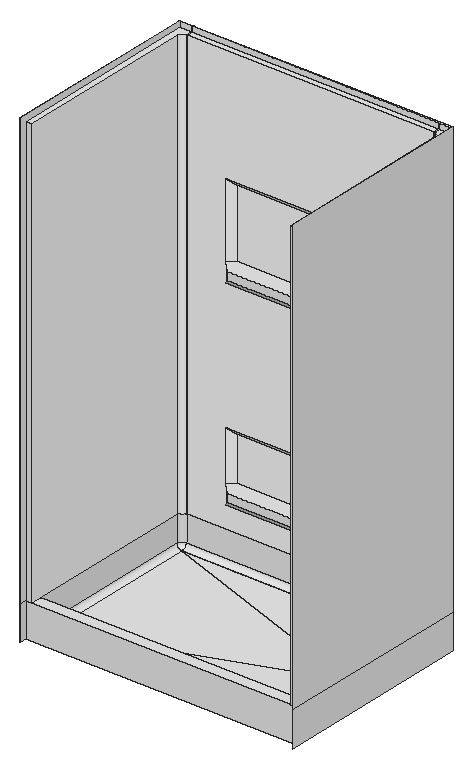
Revit family "4LRS4834L-R", category Plumbing Fixtures, Revit 2017
Family settings
  Round Connector Dimension = Use Diameter
  Part Type = Normal
  OmniClass Number = 23.45.05.14.17
  OmniClass Title = Showers
  Work Plane-Based = No
  Always vertical = Yes
  Cut with Voids When Loaded = No
  Shared = No
  Room Calculation Point = No
Parameters (values of type "4LRS4834L/R")
  Unit Width = 48"
  Unit Height = 82 1/2"
  Unit Depth = 35"
  URL = "http://www.bestbath.com/"
  Type Comments = "Remodeler"
  Model = "4LRS4834L/R"
  Material [instance] = Best Bath Gelcoat Fiberglass - RealTile
  Manufacturer = "Best Bath Systems, Inc."
  Keynote = "22 40 00.B3"
  Description = "Real Tile Finish"
  Assembly Code = "D2010710"
Reference planes (in)
  plane 1 "Back": y = -0.5
  plane 2: z = 0
  plane 3 "Left": x = 0
  plane 4: x = 48
  plane 5: y = -34.5
  plane 6: z = 81.5
  plane 7: z = 0.625
  plane 8: z = 82.5
  plane 9: x = 42
  plane 10: y = -1.75
  plane 11: y = -16.25
  plane 12: z = 0.25
  plane 13: z = 6
  plane 14: y = -35.5
  plane 15: z = 13.25
  plane 16: z = 48.25
Forms (in)
  Extrusion 1, solid, material "Best Bath Gelcoat Fiberglass - Smooth"
    sketch origin (0, 0, 0) x (1, 0, 0) y (0, 1, 0)
      loop
        line (0, -0.5) -> (0, -34.5) -> (48, -34.5) -> (48, -0.5) -> (0, -0.5)
      loop
        circle (42, -16.25) r 2.0625
    from 0 to 0.625
  Extrusion 2, solid, material "Best Bath Gelcoat Fiberglass - Smooth"
    sketch origin (0, 0, 0) x (1, 0, 0) y (0, 1, 0)
      loop
        line (2.25, -0.5) -> (2.25, -1.75) -> (45.75, -1.75) -> (45.75, -0.5) -> (2.25, -0.5)
    from 6 to 81.5
  Extrusion 3, solid, material "Best Bath Gelcoat Fiberglass - Smooth"
    sketch origin (0, 0, 0) x (1, 0, 0) y (0, 1, 0)
      loop
        line (0, -34.5) -> (1.25, -34.5) -> (1.25, -2.75)
        arc (1.25, -2.75) -> (1.54289, -2.04289) -> (2.25, -1.75) r 1
        line (2.25, -1.75) -> (45.75, -1.75)
        arc (45.75, -1.75) -> (46.45711, -2.04289) -> (46.75, -2.75) r 1
        line (46.75, -2.75) -> (46.75, -34.5) -> (48, -34.5) -> (48, -0.5) -> (0, -0.5) -> (0, -34.5)
    from 0 to 6
  Extrusion 4, solid, material "Best Bath Gelcoat Fiberglass - Smooth"
    sketch origin (0, 0, 0) x (1, 0, 0) y (0, 1, 0)
      loop
        line (0, -34.5) -> (1.25, -34.5) -> (1.25, -2.75)
        arc (1.25, -2.75) -> (1.54289, -2.04289) -> (2.25, -1.75) r 1
        line (2.25, -1.75) -> (2.25, -0.5) -> (0, -0.5) -> (0, -34.5)
      loop
        line (46.75, -34.5) -> (48, -34.5) -> (48, -0.5) -> (45.75, -0.5) -> (45.75, -1.75)
        arc (45.75, -1.75) -> (46.45711, -2.04289) -> (46.75, -2.75) r 1
        line (46.75, -2.75) -> (46.75, -34.5)
    from 6 to 81.5
  Sweep 5, solid, material "Best Bath Gelcoat Fiberglass - Smooth"
    path origin (0, 0, 0) x (1, 0, 0) y (0, 1, 0)
      loop
        line (1.25, -34.5) -> (1.25, -2.75)
        arc (1.25, -2.75) -> (1.54289, -2.04289) -> (2.25, -1.75) r 1
        line (2.25, -1.75) -> (45.75, -1.75)
        arc (45.75, -1.75) -> (46.45711, -2.04289) -> (46.75, -2.75) r 1
        line (46.75, -2.75) -> (46.75, -34.5)
    profile origin (1.25, -18.625, 0) x (-1, 0, 0) y (0, 0, 1)
      loop
        line (0, 0.625) -> (0, 1.525)
        arc (0, 1.525) -> (-0.2636, 0.8886) -> (-0.9, 0.625) r 0.9
        line (-0.9, 0.625) -> (0, 0.625)
  Blend 6, void
    base sketch origin (0, 0, 0) x (1, 0, 0) y (0, 1, 0)
      loop
        line (2.25, -31.5) -> (45.75, -31.5) -> (45.75, -2.75) -> (2.25, -2.75) -> (2.25, -31.5)
    top sketch origin (0, 0, 0) x (1, 0, 0) y (0, 1, 0)
      loop
        circle (42, -16.25) r 0.05278
    from 0.625 to 0.25
  Sweep 7, solid, material "Best Bath Gelcoat Fiberglass - Smooth"
    path origin (0, 0, 0) x (1, 0, 0) y (0, 1, 0)
      loop
        line (1.25, -34.5) -> (46.75, -34.5)
    profile origin (24, -34.5, 0) x (0, 1, 0) y (0, 0, 1)
      loop
        line (0, 0) -> (3.11628, 0) -> (2, 6) -> (0, 6) -> (0, 0)
  Extrusion 8, solid, material "Best Bath Gelcoat Fiberglass - Smooth"
    sketch origin (0, 0, 0) x (1, 0, 0) y (0, 1, 0)
      loop
        line (0, -34.5) -> (0, -35.5) -> (0.125, -35.5) -> (0.125, -34.5) -> (0, -34.5)
      loop
        line (48, -34.5) -> (47.875, -34.5) -> (47.875, -35.5) -> (48, -35.5) -> (48, -34.5)
    from 0 to 6
  Extrusion 9, solid, material "Best Bath Gelcoat Fiberglass - Smooth"
    sketch origin (0, 0, 0) x (1, 0, 0) y (0, 1, 0)
      loop
        line (2.25, -0.5) -> (2.25, -0.625) -> (45.75, -0.625) -> (45.75, -0.5) -> (2.25, -0.5)
    from 81.5 to 82.5
  Extrusion 10, solid, material "Best Bath Gelcoat Fiberglass - Smooth"
    sketch origin (0, 0, 0) x (1, 0, 0) y (0, 1, 0)
      loop
        line (0, -35.5) -> (0.125, -35.5) -> (0.125, -0.625) -> (2.25, -0.625) -> (2.25, -0.5) -> (0, -0.5) -> (0, -35.5)
      loop
        line (48, -35.5) -> (48, -0.5) -> (45.75, -0.5) -> (45.75, -0.625) -> (47.875, -0.625) -> (47.875, -35.5) -> (48, -35.5)
    from 6 to 82.5
  Blend 11, solid, material "Best Bath Gelcoat Fiberglass - Smooth"
    base sketch origin (-17.1875, -37.75, -30.75) x (1, 0, 0) y (0, 0, 1)
      loop
        line (56, 44) -> (26.375, 44) -> (26.375, 40.625) -> (56, 40.625) -> (56, 44)
    top sketch origin (-17.1875, -37.75, -30.75) x (1, 0, 0) y (0, 0, 1)
      loop
        line (28.375, 44) -> (28.375, 42.5625) -> (54, 42.5625) -> (54, 44) -> (28.375, 44)
    from -36 to -34
  Blend 12, solid, material "Best Bath Gelcoat Fiberglass - Smooth"
    base sketch origin (-17.1875, -37.75, 4.25) x (1, 0, 0) y (0, 0, 1)
      loop
        line (56, 44) -> (26.375, 44) -> (26.375, 40.625) -> (56, 40.625) -> (56, 44)
    top sketch origin (-17.1875, -37.75, 4.25) x (1, 0, 0) y (0, 0, 1)
      loop
        line (28.375, 44) -> (28.375, 42.5625) -> (54, 42.5625) -> (54, 44) -> (28.375, 44)
    from -36 to -34
  Blend 13, void
    base sketch origin (-32.64477, -38.25, -30.75) x (1, 0, 0) y (0, 0, 1)
      loop
        line (41.87365, 44) -> (71.45727, 44) -> (71.45727, 52.75) -> (41.87365, 52.75) -> (41.87365, 44)
    top sketch origin (-32.64477, -38.25, -30.75) x (1, 0, 0) y (0, 0, 1)
      loop
        line (42.87365, 44) -> (70.45727, 44) -> (70.45727, 51.75) -> (42.87365, 51.75) -> (42.87365, 44)
    from -36.5 to -37.5
  Blend 14, void
    base sketch origin (-32.64477, -38.25, 4.25) x (1, 0, 0) y (0, 0, 1)
      loop
        line (41.87365, 44) -> (71.45727, 44) -> (71.45727, 57) -> (41.87365, 57) -> (41.87365, 44)
    top sketch origin (-32.64477, -38.25, 4.25) x (1, 0, 0) y (0, 0, 1)
      loop
        line (42.87365, 44) -> (70.45727, 44) -> (70.45727, 56) -> (42.87365, 56) -> (42.87365, 44)
    from -36.5 to -37.5
Cuts and joins
  Blend 6 cuts Extrusion 1
  Blend 6 cuts Extrusion 3
  Blend 6 cuts Sweep 5
  joined: Extrusion 1, Extrusion 3, Sweep 5, Sweep 7, Extrusion 8
  Blend 13, Blend 14 cuts Extrusion 2
  Blend 13, Blend 14 cuts Extrusion 9
  joined: Extrusion 2, Extrusion 9, Blend 11, Blend 12
  joined: Extrusion 4, Extrusion 10
Dimensions and locks (in)
  "Unit Width": plane 3 "Left" to plane 4
  locked: plane 7 to level at 0.625
  locked: plane 8 to plane 6 at 1
  "Unit Height": plane 8 to level
  plane 3 "Left" to plane 9 to plane 4 = 42", 6"
  locked: plane 1 "Back" to plane 11 at 15.75
  plane 10 to plane 1 "Back" = 1 1/4"
  locked: plane 7 to plane 12 at 0.375
  locked: plane 13 to level at 6
  locked: plane 5 to plane 14 at 1
  "Unit Depth": plane 14 to plane 1 "Back"
  locked: plane 15 to plane 13 at 7.25
  locked: plane 16 to plane 15 at 35
  aligned and locked: level to plane 2
  aligned and locked: Extrusion 1 to plane 7
  aligned and locked: plane 5 to Extrusion 1 sketch curve
  aligned and locked: plane 4 to Extrusion 1 sketch curve
  aligned and locked: Extrusion 2 sketch curve to Extrusion 1
  aligned and locked: Extrusion 2 sketch curve to plane 10
  aligned and locked: plane 11 to Extrusion 1 sketch curve
  aligned and locked: plane 9 to Extrusion 1 sketch curve
  aligned and locked: plane 13 to Extrusion 3
  aligned and locked: Extrusion 2 to plane 13
  aligned and locked: plane 6 to Extrusion 2
  aligned and locked: Extrusion 4 to Extrusion 2
  aligned and locked: plane 6 to Extrusion 4
  aligned and locked: Sweep 5 sketch curve to plane 7
  aligned and locked: plane 11 to Blend 6 sketch curve
  aligned and locked: plane 9 to Blend 6 sketch curve
  aligned and locked: Extrusion 1 to Blend 6
  aligned and locked: Blend 6 to plane 12
  aligned and locked: Extrusion 8 to Extrusion 2
  aligned and locked: plane 8 to Extrusion 9
  aligned and locked: Extrusion 9 to plane 6
  aligned and locked: Extrusion 10 to plane 13
  aligned and locked: plane 8 to Extrusion 10
  aligned and locked: plane 15 to Blend 11  (x2)
  aligned and locked: plane 16 to Blend 12
  aligned and locked: cut or joined group of Extrusion 2, Extrusion 9, Blend 11, Blend 12, Blend 13, Blend 14 to plane 15
  aligned and locked: cut or joined group of Extrusion 2, Extrusion 9, Blend 11, Blend 12, Blend 13, Blend 14 to plane 16
Automatic sketch dimensions
  Extrusion 1 sketch curve to plane 3 "Left" = 0"
  plane 1 "Back" to Extrusion 1 sketch curve = 0"
  plane 1 "Back" to Extrusion 3 sketch curve = 0"
  Extrusion 3 sketch curve to plane 3 "Left" = 0"
  Extrusion 3 sketch curve to plane 5 = 0"  (x2)
  Extrusion 3 sketch curve to plane 10 = 0"
  Extrusion 3 sketch curve to plane 4 = 0"
  plane 4 to Extrusion 3 sketch curve = 1 1/4"
  Extrusion 3 sketch curve to plane 10 = 1"
  plane 3 "Left" to Extrusion 3 sketch curve = 1 1/4"
  Extrusion 3 sketch curve to Extrusion 3 sketch curve = 1"
  Sweep 5 sketch curve to plane 10 = 0"
  plane 3 "Left" to Sweep 5 sketch curve = 1 1/4"
  Sweep 5 sketch curve to plane 10 = 1"  (x2)
  Sweep 5 sketch curve to plane 5 = 0"  (x2)
  plane 4 to Sweep 5 sketch curve = 2 1/4"
  Sweep 5 sketch curve to profile plane = 0"
  profile plane to Sweep 5 sketch curve = 0.9"
  Extrusion 4 sketch curve to plane 3 "Left" = 0"
  Extrusion 4 sketch curve to plane 5 = 0"  (x2)
  plane 1 "Back" to Extrusion 4 sketch curve = 0"  (x2)
  Extrusion 4 sketch curve to plane 10 = 0"  (x2)
  Extrusion 4 sketch curve to plane 4 = 0"
  Extrusion 4 sketch curve to Extrusion 4 sketch curve = 1 1/4"
  Extrusion 4 sketch curve to Extrusion 4 sketch curve = 2 1/4"
  plane 4 to Extrusion 4 sketch curve = 2 1/4"
  plane 4 to Extrusion 4 sketch curve = 1 1/4"
  plane 4 to Extrusion 2 sketch curve = 2 1/4"
  plane 3 "Left" to Extrusion 2 sketch curve = 2 1/4"
  Sweep 7 sketch curve to plane 5 = 0"
  plane 3 "Left" to Sweep 7 sketch curve = 1 1/4"
  plane 4 to Sweep 7 sketch curve = 1 1/4"
  Sweep 7 sketch curve to profile plane = 0"
  level to Sweep 7 sketch curve = 6"
  Sweep 7 sketch curve to profile plane = 3.11628"
  Sweep 7 sketch curve to profile plane = 2"
  level to Sweep 7 sketch curve = 0"
  Blend 6 sketch curve to plane 10 = 1"
  plane 3 "Left" to Blend 6 sketch curve = 2 1/4"
  plane 5 to Blend 6 sketch curve = 3"
  plane 4 to Blend 6 sketch curve = 2 1/4"
  Extrusion 8 sketch curve to plane 3 "Left" = 0"
  Extrusion 8 sketch curve to plane 14 = 0"  (x2)
  Extrusion 8 sketch curve to plane 5 = 0"  (x2)
  Extrusion 8 sketch curve to plane 4 = 0"
  plane 3 "Left" to Extrusion 8 sketch curve = 1/8"
  plane 4 to Extrusion 8 sketch curve = 1/8"
  plane 1 "Back" to Extrusion 9 sketch curve = 0"
  plane 3 "Left" to Extrusion 9 sketch curve = 2 1/4"
  plane 4 to Extrusion 9 sketch curve = 2 1/4"
  plane 1 "Back" to Extrusion 9 sketch curve = 1/8"
  Extrusion 10 sketch curve to plane 3 "Left" = 0"
  Extrusion 10 sketch curve to plane 14 = 0"  (x2)
  plane 1 "Back" to Extrusion 10 sketch curve = 0"  (x2)
  Extrusion 10 sketch curve to plane 4 = 0"
  plane 3 "Left" to Extrusion 10 sketch curve = 1/8"
  plane 1 "Back" to Extrusion 10 sketch curve = 1/8"  (x2)
  Extrusion 10 sketch curve to Extrusion 10 sketch curve = 2 1/8"
  plane 4 to Extrusion 10 sketch curve = 2 1/4"
  plane 4 to Extrusion 10 sketch curve = 1/8"
  Blend 11 sketch curve to plane 15 = 0"  (x2)
  plane 3 "Left" to Blend 11 sketch curve = 9 3/16"
  Blend 11 sketch curve to plane 15 = 3 3/8"
  plane 4 to Blend 11 sketch curve = 9 3/16"
  Blend 11 sketch curve to plane 15 = 1 7/16"
  plane 3 "Left" to Blend 11 sketch curve = 11 3/16"
  plane 4 to Blend 11 sketch curve = 11 3/16"
  Blend 12 sketch curve to plane 16 = 0"  (x2)
  plane 3 "Left" to Blend 12 sketch curve = 9 3/16"
  Blend 12 sketch curve to plane 16 = 3 3/8"
  plane 4 to Blend 12 sketch curve = 9 3/16"
  Blend 12 sketch curve to plane 16 = 1 7/16"
  plane 3 "Left" to Blend 12 sketch curve = 11 3/16"
  plane 4 to Blend 12 sketch curve = 11 3/16"
  Blend 13 sketch curve to plane 15 = 0"  (x2)
  plane 3 "Left" to Blend 13 sketch curve = 9.22888"
  plane 4 to Blend 13 sketch curve = 9 3/16"
  Blend 13 sketch curve to Blend 13 sketch curve = 8 3/4"
  plane 3 "Left" to Blend 13 sketch curve = 10.22888"
  plane 4 to Blend 13 sketch curve = 10 3/16"
  Blend 13 sketch curve to Blend 13 sketch curve = 7 3/4"
  plane 3 "Left" to Blend 14 sketch curve = 9.22888"
  plane 4 to Blend 14 sketch curve = 9 3/16"
  plane 16 to Blend 14 sketch curve = 0"  (x2)
  Blend 14 sketch curve to Blend 14 sketch curve = 13"
  plane 3 "Left" to Blend 14 sketch curve = 10.22888"
  plane 4 to Blend 14 sketch curve = 10 3/16"
  Blend 14 sketch curve to Blend 14 sketch curve = 12"
  radius of Extrusion 1 sketch curve = 2 1/16"
  radius of Blend 6 sketch curve = 0.05278"
